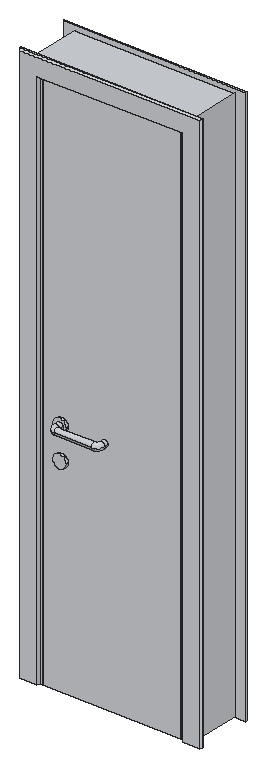
Revit family "Porta única com revestimento", category Portas, Revit 2019
Family settings
  Hospedeiro = Parede
  Número OmniClass = 23.30.10.00
  Título OmniClass = Doors
  Sempre na vertical = Sim
  Corte com vazios quando carregada = Não
  Compartilhado = Não
  Ponto de cálculo do ambiente = Não
Parameters (values of type "600 x 2100mm")
  Visual Light Transmittance = 0
  Largura da apara = 70 mm
  Espessura da apara = 10 mm
  Material da apara = none
  Espessura = 35 mm
  Solar Heat Gain Coefficient = 0
  Rough Width = Width  # 600 mm
  Rough Height = Height  # 2100 mm
  Material do painel = none
  ID do tipo de construção = ""
  Coeficiente de transferência de calor (U) = 3.7021 W/(m²·K)
  Material do puxador = none
  Função = Interior
  Height = 2100 mm
  Fechamento da parede = Por hospedeiro
  Width = 600 mm
  Largura da moldura média = 40 mm
  Largura da estrutura = 50 mm
  Material da moldura = none
  Construção analítica = Metal
Types (5, lengths in mm): name | Rough Width | Width
  (no name) | 600 | 600
  600 x 2100mm | 600 | 600
  700 x 2100mm | 700 | 700
  800 x 2100mm | 800 | 800
  900 x 2100mm | 900 | 900
Reference planes
  plane 1 "Centro (Frente/Trás)": y = 0
  plane 2 "Centro (Esquerda/Direita)": x = 0
  plane 3 "Esquerda": x = -300
  plane 4 "Direita": x = 300
  plane 5: z = 2100
  plane 6 "Exterior": y = 100
  plane 7 "Interior": y = -100
  plane 8: z = 0
  plane 9: y = -65
  plane 10: z = 1050
  plane 11: x = 265
  plane 12: x = 260
  plane 13: x = -260
  plane 14: z = 2075
  plane 15: z = 2050
  plane 16 "rr": x = 280
  plane 17: x = -410
  plane 18: x = -355
  plane 19: z = 900
  plane 20: x = -190
Forms (mm)
  Extrusion 1, solid, material <- "Material do painel", detail levels coarse
    sketch origin (0, 0, 0) x (1, 0, 0) y (0, 1, 0)
      loop
        line (-300, -40) -> (-300, -100) -> (300, -100) -> (300, -40) -> (-300, -40)
    from 0 to 2100
  Sweep 2, solid, material <- "Material da moldura", detail levels medium
    path in 3D
      loop
        line (300, 100, 0) -> (300, 100, 2100) -> (-300, 100, 2100) -> (-300, 100, 0)
    profile origin (-300, 100, 1050) x (1, 0, 0) y (0, 1, 0)
      loop
        line (0, 0) -> (0, -200) -> (40, -200) -> (40, 0) -> (0, 0)
  Extrusion 3, solid, material <- "Material do painel", detail levels medium+fine
    sketch origin (0, 0, 0) x (1, 0, 0) y (0, 1, 0)
      loop
        line (-260, -65) -> (-260, -100) -> (260, -100) -> (260, -65) -> (-260, -65)
    from 0 to 2060
  Sweep 4, solid, material <- "Material da moldura", detail levels fine
    path origin (0, 100, 0) x (1, 0, 0) y (0, 0, 1)
      loop
        line (300, 0) -> (300, 2100) -> (-300, 2100) -> (-300, 0)
    profile origin (300, 100, 1050) x (-1, 0, 0) y (0, -1, 0)
      loop
        line (0, 200) -> (0, 0) -> (50, 0) -> (50, 165) -> (40, 165) -> (40, 200) -> (0, 200)
  Sweep 5, solid, material <- "Material da apara", detail levels fine
    path origin (0, -100, 0) x (1, 0, 0) y (0, 0, 1)
      loop
        line (300, 0) -> (300, 2075) -> (-300, 2075) -> (-300, 0)
    profile "Perfil da apara : Perfil da apara" origin (300, -100, 1037.5) x (-1, 0, 0) y (0, -1, 0)
      loop
        line (-43, 0) -> (27, 0) -> (27, 10) -> (-37, 10) -> (-43, 4) -> (-43, 0)
  Sweep 6, solid, material <- "Material da apara", detail levels fine
    path origin (0, 100, 0) x (1, 0, 0) y (0, 0, 1)
      loop
        line (300, 0) -> (300, 2075) -> (-300, 2075) -> (-300, 0)
    profile "Perfil da apara : Perfil da apara" origin (0, 100, 2075) x (0, 0, -1) y (0, -1, 0)
      loop
        line (-43, 0) -> (-43, -4) -> (-37, -10) -> (27, -10) -> (27, 0) -> (-43, 0)
Lines and regions (mm)
  Opening 1
    outline origin (-3050, -100, 0) x (1, 0, 0) y (0, 0, 1)
      loop
        line (2750, 0) -> (3350, 0) -> (3350, 2100) -> (2750, 2100) -> (2750, 0)
  sketch lines
    curve 1: line (-300, 100, 2100) -> (-300, 100, 0)
    curve 2: line (300, 100, 2100) -> (-300, 100, 2100)
    curve 3: line (300, 100, 0) -> (300, 100, 2100)
  symbolic lines, style "Giro da elevação", detail levels fine
    curve 4: line (250, 100, 0) -> (-250, 100, 1050)
    curve 5: line (-250, 100, 1050) -> (250, 100, 2050)
  symbolic lines, style "Giro da elevação", detail levels medium
    curve 6: line (260, 100, 0) -> (-260, 100, 1050)
    curve 7: line (-260, 100, 1050) -> (260, 100, 2060)
  symbolic lines, style "Giro da elevação", detail levels coarse
    curve 8: line (300, 100, 0) -> (-300, 100, 1050)
    curve 9: line (-300, 100, 1050) -> (300, 100, 2100)
Text (mm)
  text "Externo" at (-2295.016, 1099.543, 0), in view "Nível de referência"
  text "Externo" at (0, 1615.38, 3698.081), in view "Esquerda"
  text "Externo" at (0, 1036.032, 3874.932), in view "Direita"
Dimensions and locks
  equal spacing: plane 3 "Esquerda", plane 2 "Centro (Esquerda/Direita)", plane 4 "Direita"
  "Width": plane 3 "Esquerda" to plane 4 "Direita"
  "Height": plane 5 to host wall
  host wall to plane 5 = 2100 mm  (x2)
  locked: plane 6 "Exterior" to host wall at 0
  locked: plane 7 "Interior" to host wall
  equal spacing: level, plane 10, plane 5
  "Espessura": plane 9 to plane 7 "Interior"
  "Espessura": plane 11 to plane 4 "Direita"
  "Largura da moldura média": plane 12 to plane 4 "Direita"
  "Largura da moldura média": plane 3 "Esquerda" to plane 13
  "Largura da estrutura": plane 15 to plane 5
  equal spacing: plane 15, plane 14, plane 5
  equal spacing: plane 12, plane 16 "rr", plane 4 "Direita"
  equal spacing: plane 17, plane 18, plane 3 "Esquerda"
  locked: level to plane 19 at 900
  locked: plane 3 "Esquerda" to plane 20 at 110
  aligned and locked: plane 3 "Esquerda" to Opening 1 sketch curve
  aligned and locked: plane 5 to Opening 1 sketch curve  (x2)
  aligned and locked: Opening 1 sketch curve to plane 4 "Direita"
  aligned and locked: Opening 1 sketch curve to level
  aligned and locked: plane 1 "Centro (Frente/Trás)" to host wall
  aligned and locked: level to plane 8
  aligned and locked: plane 3 "Esquerda" to Extrusion 1  (x2)
  aligned and locked: Extrusion 1 to plane 4 "Direita"
  aligned and locked: profile plane to Sweep 2 sketch curve  (x2)
  aligned and locked: Sweep 2 sketch curve to plane 7 "Interior"
  aligned and locked: plane 9 to Extrusion 3
  aligned and locked: plane 7 "Interior" to Extrusion 3
  aligned and locked: Extrusion 3 to Sweep 2  (x3)
  aligned and locked: Extrusion 3 to level
  aligned and locked: Extrusion 1 to plane 5
  aligned and locked: Sweep 2 sketch curve to plane 13
  aligned and locked: Sweep 2 to Sweep 4 sketch curve  (x4)
  aligned and locked: Sweep 4 sketch curve to plane 9
  aligned and locked: Sweep 4 to plane 15
  aligned and locked: nested 1 to plane 7 "Interior"
  aligned and locked: plane 19 to nested 1
  aligned and locked: plane 3 "Esquerda" to Sweep 4
  aligned and locked: Sweep 4 to plane 4 "Direita"
  aligned and locked: nested 2 to plane 7 "Interior"
  aligned and locked: nested 2 to plane 4 "Direita"
  aligned and locked: plane 20 to nested 1
  aligned and locked: Sweep 4 to curve 5  (x2)
  aligned and locked: plane 10 to curve 5
  aligned and locked: curve 4 to Sweep 4
  aligned and locked: plane 15 to curve 5
  aligned and locked: level to curve 4
  aligned and locked: plane 10 to curve 7
  aligned and locked: Sweep 2 to curve 7
  aligned and locked: plane 8 to curve 6
  aligned and locked: plane 12 to Extrusion 3
  aligned and locked: plane 12 to Sweep 4
  aligned and locked: curve 7 to Sweep 2
  aligned and locked: plane 8 to Sweep 4
  aligned and locked: plane 10 to curve 9
  aligned and locked: plane 3 "Esquerda" to curve 9
  aligned and locked: plane 3 "Esquerda" to Sweep 5 sketch curve
  aligned and locked: plane 14 to Sweep 5 sketch curve
  aligned and locked: plane 8 to Sweep 5 sketch curve  (x2)
  aligned and locked: Sweep 6 sketch curve to plane 14
  aligned and locked: plane 4 "Direita" to Sweep 6 sketch curve
  aligned and locked: Sweep 6 sketch curve to plane 3 "Esquerda"
  aligned and locked: Sweep 5 sketch curve to plane 4 "Direita"
Automatic sketch dimensions
  host wall to Extrusion 1 sketch curve = 0 mm
  Extrusion 1 sketch curve to plane 3 "Esquerda" = 0 mm
  Extrusion 1 sketch curve to plane 4 "Direita" = 0 mm
  plane 9 to Extrusion 1 sketch curve = 25 mm
  curve 7 to plane 12 = 0 mm
  curve 6 to plane 12 = 0 mm
  plane 4 "Direita" to curve 9 = 0 mm
  curve 8 to level = 0 mm
  plane 4 "Direita" to curve 8 = 0 mm
  curve 9 to plane 5 = 0 mm
  host wall to Extrusion 3 sketch curve = 0 mm
  Extrusion 3 sketch curve to plane 9 = 0 mm
  Extrusion 3 sketch curve to plane 12 = 0 mm
  Extrusion 3 sketch curve to plane 3 "Esquerda" = 40 mm
  plane 3 "Esquerda" to Sweep 4 sketch curve = 0 mm
  plane 4 "Direita" to Sweep 4 sketch curve = 0 mm
  Sweep 4 sketch curve to level = 0 mm  (x2)
  Sweep 4 sketch curve to plane 5 = 0 mm
  Sweep 4 sketch curve to Sweep 4 sketch curve = 10 mm
  Sweep 6 sketch curve to level = 0 mm  (x2)
Nested families
  nested 1: "Maçaneta da porta 1" at (-190, -88.114, 730), type "Puxador horizontal", detail levels fine
  nested 2: "Porta única_Giro da planta - 2" at (-300, -100, 0) x (-1, 0, 0) z (0, 0, 1), type "Porta única_Giro da planta - 2"
Definition of nested family "Maçaneta da porta 1"
  Parameters
    Espessura do painel = 35 mm
    Distância do furo da trava = 120 mm
    Com furo para trava = yes
    Material do puxador = none
    Function = (empty or 0)
  Reference planes
    plane 1 "Centro (Frente/Trás)": y = 5.614
    plane 2: z = 0
    plane 3 "Centro (Esquerda/Direita)": x = 0
    plane 4 "Topo do puxador": z = 170
    plane 5: z = 50
    plane 6: y = -11.886
    plane 7: y = 23.114
  Forms (mm)
    Extrusion 1, solid, material <- "Material do puxador"
      sketch origin (0, 5.614, 0) x (1, 0, 0) y (0, 0, 1)
        loop
          circle (0, 170) r 25
      from 17.5 to 25.5
    Extrusion 2, solid, material <- "Material do puxador", visible <- "Com furo para trava"
      sketch origin (0, 0, -120) x (1, 0, 0) y (0, 0, 1)
        loop
          circle (0, 170) r 25
      from 11.886 to 19.886
    Sweep 3, solid, material <- "Material do puxador"
      path origin (0, 0, 1000) x (0, -1, 0) y (1, 0, 0)
        loop
          line (19.886, 0) -> (36.886, 0)
          arc (36.886, 0) -> (47.493, 4.393) -> (51.886, 15) r 15
          line (51.886, 15) -> (51.886, 155)
          arc (51.886, 155) -> (47.493, 165.607) -> (36.886, 170) r 15
          line (36.886, 170) -> (21.886, 170)
      profile origin (0, -28.386, 0) x (1, 0, 0) y (0, 0, 1)
        loop
          circle (0, 170) r 12
    Extrusion 4, solid, material <- "Material do puxador"
      sketch origin (0, 5.614, 0) x (1, 0, 0) y (0, 0, -1)
        loop
          circle (0, -170) r 25
      from 17.5 to 25.5
    Extrusion 5, solid, material <- "Material do puxador", visible <- "Com furo para trava"
      sketch origin (0, 11.228, -120) x (1, 0, 0) y (0, 0, -1)
        loop
          circle (0, -170) r 25
      from 11.886 to 19.886
    Sweep 6, solid, material <- "Material do puxador"
      path origin (0, 11.228, 1000) x (0, -1, 0) y (1, 0, 0)
        loop
          line (-19.886, 0) -> (-36.886, 0)
          arc (-36.886, 0) -> (-47.493, 4.393) -> (-51.886, 15) r 15
          line (-51.886, 15) -> (-51.886, 155)
          arc (-51.886, 155) -> (-47.493, 165.607) -> (-36.886, 170) r 15
          line (-36.886, 170) -> (-21.886, 170)
      profile origin (0, 39.614, 0) x (-1, 0, 0) y (0, 0, 1)
        loop
          circle (0, 170) r 12
  Dimensions and locks
    "Distância do furo da trava": plane 4 "Topo do puxador" to plane 5
    locked: Sweep 3 sketch curve to Sweep 3 sketch curve at 170
    locked: plane 4 "Topo do puxador" to plane 2 at 170
    equal spacing: plane 7, plane 1 "Centro (Frente/Trás)", plane 6
    "Espessura do painel": plane 7 to plane 6
    locked: Extrusion 2 to Extrusion 2 at 8
    locked: Extrusion 1 to Extrusion 1 at 8
    locked: plane 6 to Sweep 3 sketch curve at 25
    locked: plane 6 to Sweep 3 sketch curve at 40
    locked: Sweep 6 sketch curve to Sweep 6 sketch curve at 170
    locked: Extrusion 5 to Extrusion 5 at 8
    locked: Extrusion 4 to Extrusion 4 at 8
    locked: plane 7 to Sweep 6 sketch curve at 40
    locked: Sweep 6 sketch curve to plane 7 at 25
    locked: Sweep 6 sketch curve to Sweep 6 sketch curve at 15
    locked: Sweep 6 sketch curve to plane 7 at 10
    plane 6 to Sweep 3 sketch curve to Sweep 3 sketch curve = 10 mm locked, 15 mm locked
    radius of Sweep 3 sketch curve = 15 mm  (x2)
    radius of Extrusion 2 sketch curve = 25 mm
    radius of Sweep 3 sketch curve = 12 mm
    radius of Sweep 6 sketch curve = 15 mm  (x2)
    radius of Extrusion 5 sketch curve = 25 mm
    radius of Sweep 6 sketch curve = 12 mm
    radius of Extrusion 4 sketch curve = 25 mm
    aligned and locked: plane 4 "Topo do puxador" to Sweep 3 sketch curve
    aligned and locked: plane 3 "Centro (Esquerda/Direita)" to Sweep 3 sketch curve
    aligned and locked: plane 3 "Centro (Esquerda/Direita)" to Extrusion 2 sketch curve
    aligned and locked: plane 6 to Extrusion 2
    aligned and locked: plane 3 "Centro (Esquerda/Direita)" to Extrusion 1 sketch curve
    aligned and locked: plane 4 "Topo do puxador" to Extrusion 1 sketch curve
    aligned and locked: plane 6 to Extrusion 1
    aligned and locked: Extrusion 1 to plane 6
    aligned and locked: Extrusion 4 to plane 7
    aligned and locked: Extrusion 5 to plane 7
    aligned and locked: plane 5 to Extrusion 5 sketch curve
    aligned and locked: plane 3 "Centro (Esquerda/Direita)" to Extrusion 5 sketch curve
    aligned and locked: plane 4 "Topo do puxador" to Extrusion 4 sketch curve
    aligned and locked: plane 3 "Centro (Esquerda/Direita)" to Extrusion 4 sketch curve
    aligned and locked: Extrusion 4 to Sweep 6 sketch curve
    aligned and locked: Extrusion 1 to Sweep 3 sketch curve
  Automatic sketch dimensions
    Extrusion 2 sketch curve to plane 5 = 0 mm
    Sweep 3 sketch curve to plane 3 "Centro (Esquerda/Direita)" = 0 mm
    Sweep 6 sketch curve to plane 3 "Centro (Esquerda/Direita)" = 0 mm
    Sweep 6 sketch curve to profile plane = 0 mm
    radius of Extrusion 1 sketch curve = 25 mm
Definition of nested family "Porta única_Giro da planta - 2"
  Parameters
    Width = 900 mm
    Rough Width = Width  # 900 mm
    Rough Height = Height  # 2100 mm
    Espessura da moldura do painel = 35 mm
    Height = 2100 mm
    Largura da estrutura = 40 mm
  Reference planes
    plane 1 "Centro (Frente/Trás)": y = 0
    plane 2: z = 0
    plane 3 "Centro (Esquerda/Direita)": x = 0
    plane 4: x = -900
    plane 5: x = -865
    plane 6: y = 900
    plane 7: x = -882.5
    plane 8: y = 865
    plane 9: x = -860
    plane 10: x = -825
    plane 11: y = 720
    plane 12: y = 645
    plane 13: y = 685
    plane 14: x = -842.5
    plane 15: z = 2100
    plane 16: x = -40
    plane 17: y = 860
    plane 18: y = 820
  Lines and regions (mm)
    Masking region 1, detail levels medium+fine
      outline origin (80, -75, 0) x (1, 0, 0) y (0, 1, 0)
        loop
          line (-940, 895) -> (-940, 75) -> (-905, 75) -> (-905, 895) -> (-940, 895)
    Masking region 2, detail levels coarse
      outline origin (0, 0, 0) x (1, 0, 0) y (0, 1, 0)
        loop
          line (-900, 900) -> (-900, 0) -> (-865, 0) -> (-865, 900) -> (-900, 900)
    symbolic lines, detail levels coarse
      curve 1: line (-865, 0, 0) -> (-900, 0, 0)
      curve 4: line (-865, 900, 0) -> (-900, 900, 0)
      curve 5: arc (-900, 900, 0) -> (-263.604, 636.396, 0) -> (0, 0, 0) r 900
      curve 7: line (-900, 0, 0) -> (-900, 900, 0)
      curve 8: line (-865, 900, 0) -> (-865, 0, 0)
    symbolic lines, detail levels medium+fine
      curve 2: line (-825, 820, 0) -> (-860, 820, 0)
      curve 3: line (-860, 0, 0) -> (-825, 0, 0)
      curve 9: line (-825, 0, 0) -> (-825, 820, 0)
      curve 10: line (-860, 820, 0) -> (-860, 0, 0)
      curve 11: arc (-860, 820, 0) -> (-280.172, 579.828, 0) -> (-40, 0, 0) r 820
    model lines
      curve 6: line (-900, 0, 0) -> (-900, 0, 2100)
  Dimensions and locks
    "Espessura da moldura do painel": plane 4 to plane 5
    "Largura da estrutura": plane 4 to plane 9
    "Espessura da moldura do painel": plane 9 to plane 10
    "Width": plane 1 "Centro (Frente/Trás)" to plane 6
    equal spacing: plane 9, plane 14, plane 10
    equal spacing: plane 4, plane 7, plane 5
    "Width": plane 4 to plane 3 "Centro (Esquerda/Direita)"
    "Height": plane 15 to plane 2
    "Largura da estrutura": plane 16 to plane 3 "Centro (Esquerda/Direita)"
    "Largura da estrutura": plane 6 to plane 17
    locked: plane 6 to plane 18 at 80
    aligned and locked: level to plane 2
    aligned and locked: curve 3 to plane 1 "Centro (Frente/Trás)"
    aligned and locked: Masking region 2 sketch curve to plane 1 "Centro (Frente/Trás)"
    aligned and locked: Masking region 2 sketch curve to plane 4
    aligned and locked: Masking region 2 sketch curve to plane 5
    aligned and locked: Masking region 2 sketch curve to plane 6
    aligned and locked: Masking region 1 sketch curve to plane 10
    aligned and locked: plane 9 to Masking region 1 sketch curve
    aligned and locked: Masking region 1 sketch curve to plane 1 "Centro (Frente/Trás)"
    aligned and locked: plane 6 to Masking region 2
    aligned and locked: Masking region 2 to plane 4
    aligned and locked: plane 5 to Masking region 2
    aligned and locked: Masking region 1 to plane 9
    aligned and locked: plane 10 to Masking region 1
    aligned and locked: curve 1 to plane 1 "Centro (Frente/Trás)"
    aligned and locked: plane 1 "Centro (Frente/Trás)" to Masking region 1
    aligned and locked: plane 15 to curve 6
    aligned and locked: curve 10 to plane 9
    aligned and locked: plane 10 to curve 9
    aligned and locked: plane 18 to curve 11
    aligned and locked: plane 16 to curve 11
    aligned and locked: plane 18 to Masking region 1
    aligned and locked: curve 8 to plane 5
    aligned and locked: curve 7 to plane 4
  Automatic sketch dimensions
    plane 4 to curve 6 = 0 mm
    curve 6 to level = 0 mm
    plane 1 "Centro (Frente/Trás)" to curve 5 = 0 mm
    Masking region 1 sketch curve to plane 18 = 0 mm
    curve 5 to plane 3 "Centro (Esquerda/Direita)" = 0 mm
